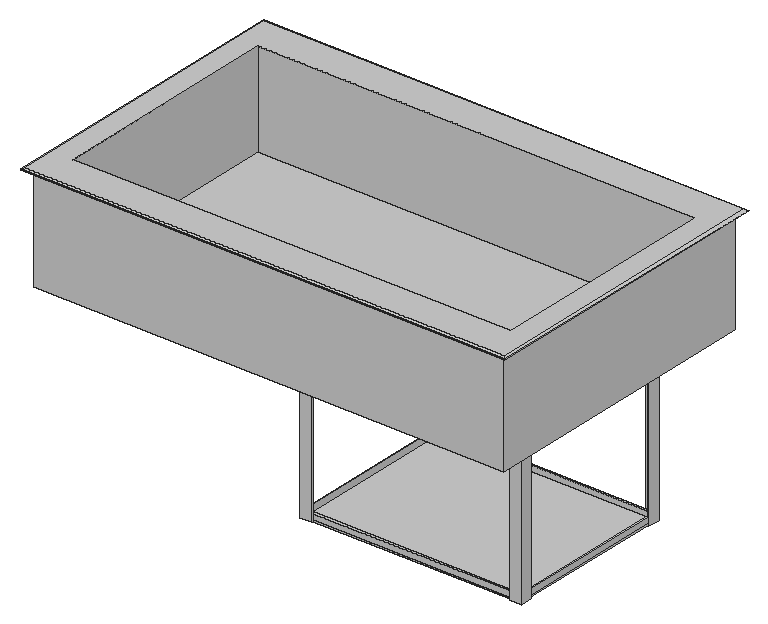
Revit family "QF_VOLLRATH_FC-4CP-03120-RFF", category Specialty Equipment, Revit 2016
Family settings
  Part Type = Normal
  Round Connector Dimension = Use Diameter
  OmniClass Number = 23.40.40.14.24.14
  OmniClass Title = Service Line Equipment
  Work Plane-Based = Yes
  Always vertical = Yes
  Cut with Voids When Loaded = Yes
  Shared = No
  Room Calculation Point = No
Parameters (values of type "FC-4CP-03120-RFF")
  Weight in Pounds = 120
  Watts = 384 W
  Waste Water Discharge Temperature [instance] = 0 °F
  Waste Remarks = ""
  Volts = 120 V
  URL Cutsheet = "www.vollrathfoodservice.com"
  URL = "www.vollrathfoodservice.com"
  Status [instance] = ""
  Specification by User [instance] = ""
  Specification by Manufacturer = ""
  Serial Number = ""
  Seismic Rating = ""
  SMACNA No = ""
  Revision Code [instance] = ""
  Plumbing Remarks [instance] = ""
  Plumbing Connection Type [instance] = ""
  Phase = 1
  Number of Poles = 1
  NAFEM Spec ID Number = ""
  Model = "FC-4CP-03120-RFF"
  Min Ckt Ampacity = 0 A
  Max Overcurrent Protection = 10 A
  Masterspec = ""
  Manufacturer = "VOLLRATH US"
  Item Number [instance] = ""
  Installed By [instance] = ""
  Identify Quantity as Lot [instance] = no
  HP = "0.5"
  Furnished By [instance] = ""
  Foodservice Equipment Identifier [instance] = yes
  FL Amps = 3.2 A
  Electrical Remarks [instance] = ""
  Electric Connection Type [instance] = "Plug&Receptacle"
  Elec Conn RI Height [instance] = 0"
  Elec Conn Connection Height [instance] = 0"
  Direct Waste Size = 1"
  Direct Waste RI Height = 0"
  Direct Waste Flow = 0 GPM
  Direct Waste Connection Height = 0"
  Description = "THREE-WELL 120-VOLT STANDARD REFRIGERATED MODULAR DROP-IN COLD WELL WITH FLAT FLANGE"
  Default Elevation = 0"
  Cycle = 60 Hz
  Conn Plug = "NEMA 5-15P"
  Conn Conduit [instance] = no
  CSI MasterFormat = ""
  Author = ""
  Assembly Code = "E1090320"
  Apparent Power = 384 VA
Reference planes (in)
  plane 1 "Back": y = 0
  plane 2: z = 0
  plane 3 "Left": x = 0
  plane 4 "Front": y = -26
  plane 5 "Top": z = 0
  plane 6 "Right": x = 41.5
Forms (in)
  Extrusion 1, void
    sketch origin (0, 0, 0) x (1, 0, 0) y (0, 1, 0)
      loop
        line (41.125, -0.375) -> (0.375, -0.375) -> (0.375, -25.625) -> (41.125, -25.625) -> (41.125, -0.375)
    from 3.27425 to -22.375
  Extrusion 2, solid
    sketch origin (0, 0, 0) x (1, 0, 0) y (0, 1, 0)
      loop
        line (0.625, -0.625) -> (0.625, -25.375) -> (40.875, -25.375) -> (40.875, -0.625) -> (0.625, -0.625)
      loop
        line (2, -3.0625) -> (2, -22.9375) -> (39.5, -22.9375) -> (39.5, -3.0625) -> (2, -3.0625)
    from 0 to 0.14643
  Extrusion 3, solid
    sketch origin (0, 0, 0) x (1, 0, 0) y (0, 1, 0)
      loop
        line (0.625, -0.625) -> (0.625, -25.375) -> (40.875, -25.375) -> (40.875, -0.625) -> (0.625, -0.625)
      loop
        line (39.5, -22.9375) -> (39.5, -3.0625) -> (2, -3.0625) -> (2, -22.9375) -> (39.5, -22.9375)
    from -9.067 to 0
  Sweep 4, solid
    path origin (0, 0, 0) x (1, 0, 0) y (0, 1, 0)
      loop
        line (0.34375, -0.34375) -> (0.34375, -25.65625) -> (41.15625, -25.65625) -> (41.15625, -0.34375) -> (0.34375, -0.34375)
    profile origin (20.75, -0.34375, 0) x (0, 1, 0) y (0, 0, 1)
      loop
        line (0.34375, 0) -> (0.34375, 0.04297) -> (0.12187, 0.14643) -> (-0.28125, 0.14643) -> (-0.28125, 0) -> (0.34375, 0)
  Extrusion 5, solid
    sketch origin (0, 0, 2.308) x (1, 0, 0) y (0, 1, 0)
      loop
        line (39.5, -3.0625) -> (2, -3.0625) -> (2, -22.9375) -> (39.5, -22.9375) -> (39.5, -3.0625)
      loop
        circle (36.36487, -4.45535) r 0.75
    from -11.375 to -10.305
  Extrusion 6, solid
    sketch origin (21.45684, -178.4845, -22.25) x (-1, 0, 0) y (0, -1, 0)
      loop
        line (1.953, -172.7345) -> (1.078, -172.7345) -> (1.078, -172.8595) -> (2.078, -172.8595) -> (2.078, -171.8595) -> (1.953, -171.8595) -> (1.953, -172.7345)
      loop
        line (-16.7345, -172.7345) -> (-16.7345, -171.8595) -> (-16.8595, -171.8595) -> (-16.8595, -172.8595) -> (-15.8595, -172.8595) -> (-15.8595, -172.7345) -> (-16.7345, -172.7345)
      loop
        line (1.953, -158.3285) -> (1.953, -159.2035) -> (2.078, -159.2035) -> (2.078, -158.2035) -> (1.078, -158.2035) -> (1.078, -158.3285) -> (1.953, -158.3285)
      loop
        line (-16.7345, -158.3285) -> (-15.8595, -158.3285) -> (-15.8595, -158.2035) -> (-16.8595, -158.2035) -> (-16.8595, -159.2035) -> (-16.7345, -159.2035) -> (-16.7345, -158.3285)
    from -0.125 to 13.183
  Extrusion 7, solid
    sketch origin (21.45684, -178.4845, -22.375) x (-1, 0, 0) y (0, -1, 0)
      loop
        line (1.953, -172.7345) -> (1.953, -158.3285) -> (-16.7345, -158.3285) -> (-16.7345, -172.7345) -> (1.953, -172.7345)
    from 0 to 0.125
  Extrusion 8, solid
    sketch origin (23.78434, -20.156, -22.25) x (1, 0, 0) y (0, 0, -1)
      loop
        line (-4.2805, -13.183) -> (14.407, -13.183) -> (14.407, -12.183) -> (-4.2805, -12.183) -> (-4.2805, -13.183)
    from 0 to 0.125
  Extrusion 9, solid
    sketch origin (23.78434, -5.75, -22.25) x (1, 0, 0) y (0, 0, 1)
      loop
        line (-4.2805, 13.183) -> (-4.2805, 12.183) -> (14.407, 12.183) -> (14.407, 13.183) -> (-4.2805, 13.183)
    from 0 to 0.125
  Extrusion 10, solid
    sketch origin (19.50384, -19.281, -22.25) x (0, -1, 0) y (0, 0, -1)
      loop
        line (0, -13.183) -> (0, -12.183) -> (-1.125, -12.183) -> (-1.125, -13.183) -> (0, -13.183)
      loop
        line (-12.656, -13.183) -> (-11.531, -13.183) -> (-11.531, -12.183) -> (-12.656, -12.183) -> (-12.656, -13.183)
    from 0 to -0.125
  Extrusion 11, solid
    sketch origin (38.19134, -19.281, -22.25) x (0, -1, 0) y (0, 0, 1)
      loop
        line (0, 13.183) -> (-1.125, 13.183) -> (-1.125, 12.183) -> (0, 12.183) -> (0, 13.183)
      loop
        line (-12.656, 13.183) -> (-12.656, 12.183) -> (-11.531, 12.183) -> (-11.531, 13.183) -> (-12.656, 13.183)
    from 0 to -0.125
  Extrusion 12, solid
    sketch origin (29.70553, 8.54465, -0.375) x (1, 0, 0) y (0, 1, 0)
      loop
        circle (6.65934, -13) r 0.5
      loop
        circle (6.65934, -13) r 0.75
    from -8.692 to -7.622
  Extrusion 13, solid
    sketch origin (14.34759, 0, -0.375) x (1, 0, 0) y (0, 1, 0)
      loop
        circle (14.5, -13) r 0.25
    from -8.692 to -8.89849
  Extrusion 14, solid
    sketch origin (15.5, 0, -0.375) x (1, 0, 0) y (0, 1, 0)
      loop
        line (4.00384, -20.156) -> (22.69134, -20.156) -> (22.69134, -5.75) -> (4.00384, -5.75) -> (4.00384, -20.156)
      loop
        line (22.56634, -5.875) -> (4.12884, -5.875) -> (4.12884, -20.031) -> (22.56634, -20.031) -> (22.56634, -5.875)
    from -21.875 to -21.375
Cuts and joins
  joined: Extrusion 2, Extrusion 3, Sweep 4, Extrusion 5
Lines and regions (in)
  symbolic lines, style "200-EquipBorder-2D"
    curve 1: line (41.5, 0, 0) -> (0, 0, 0)
    curve 2: line (41.5, -26, 0) -> (41.5, 0, 0)
    curve 3: line (0, 0, 0) -> (0, -26, 0)
    curve 8: line (0, -26, 0) -> (41.5, -26, 0)
  symbolic lines, style "200-EquipInternal-2D"
    curve 4: line (39.5, -3.0625, 0) -> (2, -3.0625, 0)
    curve 5: line (39.5, -22.9375, 0) -> (39.5, -3.0625, 0)
    curve 6: line (2, -22.9375, 0) -> (39.5, -22.9375, 0)
    curve 7: line (2, -3.0625, 0) -> (2, -22.9375, 0)
    curve 9: arc (35.86487, -4.45535, 0) -> (36.36487, -3.95535, 0) -> (36.86487, -4.45535, 0) r 0.5
    curve 10: arc (36.86487, -4.45535, 0) -> (36.36487, -4.95535, 0) -> (35.86487, -4.45535, 0) r 0.5
    curve 11: arc (35.61487, -4.45535, 0) -> (36.36487, -3.70535, 0) -> (37.11487, -4.45535, 0) r 0.75
    curve 12: arc (37.11487, -4.45535, 0) -> (36.36487, -5.20535, 0) -> (35.61487, -4.45535, 0) r 0.75
Dimensions and locks (in)
  plane 3 "Left" to plane 6 "Right" = 41 1/2"
  plane 4 "Front" to plane 1 "Back" = 26"
  Extrusion 7 sketch curve to Extrusion 7 sketch curve = 18 11/16"
  aligned and locked: level to plane 2
Connectors (in)
  electrical at (28.84759, -13, -9.27349), driven by "Number of Poles", driven by "Volts", driven by "Apparent Power"
    settings: on Extrusion 13, index 4, voltage 120 V, apparent load 384 VA, apparent load phase1 0 VA, apparent load phase2 0 VA, apparent load phase3 0 VA, power factor 1, load classification "Other", number of poles 1, system type 31, power factor state 1, is connector primary yes, connector utility no, sub classification motor no, connector description "Electrical connection"
  piping at (36.36487, -4.45535, -9.067), diameter 1, driven by "Direct Waste Flow", driven by "Direct Waste Size"
    settings: on Extrusion 5, index 5, connector inside diameter 24", connector length 0", flow factor 0, pipe flow 0 GPM, pressure drop 0.00 psi, fitting loss kfactor 0, connector angle 0.00°, fixture units 0, engagement length 0", angle of deflection 0.00°, flow configuration 1, flow direction 2, fitting loss method 0, system type 16, joint type 0, gender type 0, connector reference index -1, connector utility 0, adjustable connector no, is connector primary yes, connector description "Drain"
